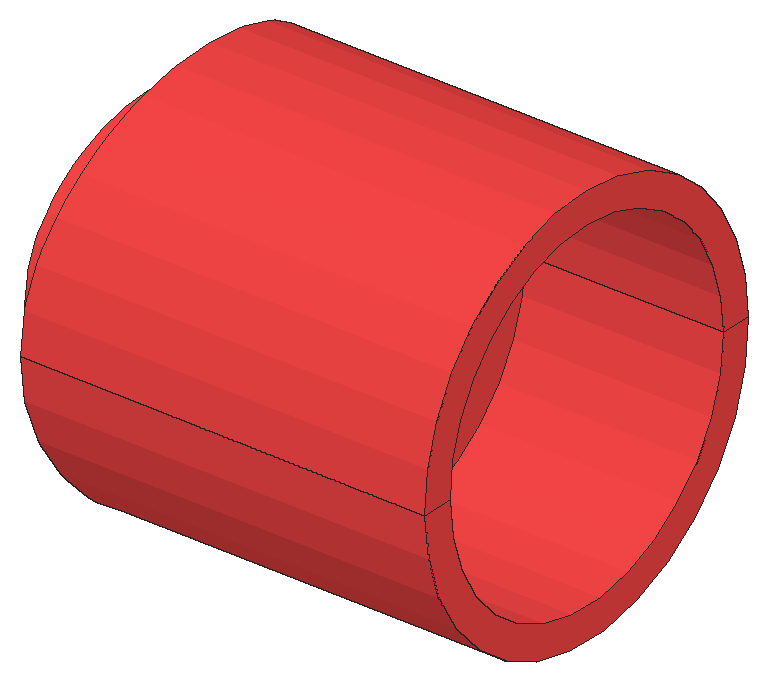
Revit family "Aquatherm_Вварное седло", category Соединительные детали трубопроводов, Revit 2019
Family settings
  Размер круглого соединителя = Использовать диаметр
  Тип детали = Соединение
  На основе рабочей плоскости = Нет
  Всегда вертикально = Да
  При загрузке вырезать с полостями = Нет
  Общий = Нет
Parameters (values of type "SDR 7.4")
  Материал_Корпус = AquaTherm red pipe
  z [instance] = size_lookup("Вварное седло", "z", 20 mm, d, d1, d2)  # 68 mm
  n1 [instance] = if([1], l, R1 + l - z)  # 27.5 mm
  n [instance] = if([1], R1 + l - z, 0 mm)  # 14.5 mm
  l1 [instance] = D - z + l  # -11 mm
  URL = "www.agpipe.ru"
  SDR = 7.4 mm
  R1 [instance] = d / 2  # 55 mm
  d1 [instance] = 25 mm
  D2 [instance] = d - (D - d1) * 2  # 101 mm
  d [instance] = 110 mm
  l [instance] = size_lookup("Вварное седло", "l", 45 mm, d, d1, d2)  # 27.5 mm
  d2 [instance] = 20 mm
  D [instance] = size_lookup("Вварное седло", "D", d + 19 mm, d, d1, d2)  # 29.5 mm
  ADSK_Примечание = ""
  ADSK_Позиция [instance] = ""
  ADSK_Обозначение = ""
  ADSK_Наименование [instance] = size_lookup("Вварное седло", "ADSK_Наименование", "Нет в каталоге", d, d1, d2)  # "Вварное седло DN110x20x25"
  ADSK_Масса_Текст [instance] = size_lookup("Вварное седло", "ADSK_Масса_Текст", "Нет в каталоге", d, d1, d2)  # "0.019"
  ADSK_Код изделия [instance] = size_lookup("Вварное седло", "ADSK_Код изделия", "Нет в каталоге", d, d1, d2)  # "4115182"
  ADSK_Завод-изготовитель = "Aquatherm"  # constant formula
  ADSK_Единица измерения = "шт."  # constant formula
  2 [instance] = not([1])  # no
  1 [instance] = or(d1 > d2, d1 = d2)  # yes
Reference planes
  plane 1 "По центру (Вперед/Назад)": y = 0
  plane 2: z = 0
  plane 3 "По центру (Влево/Вправо)": x = 0
  plane 4: x = -13.75
  plane 5: x = 13.75
  plane 6: x = -68.75
  plane 7: y = 14.75
  plane 8: y = -14.75
  plane 9: y = 12.5
  plane 10: y = -12.5
  plane 11: y = 10
  plane 12: y = -10
  plane 13: y = 12.5
  plane 14: y = -12.5
  plane 15: x = -0.75
  plane 16: x = -0.75
  plane 17: x = -13.75
  plane 18: y = 10
  plane 19: y = -10
Forms (mm)
  Revolve 1, solid, material "AquaTherm red pipe" <- "Материал_Корпус", visible <- "1"
    sketch origin (0, 0, 0) x (1, 0, 0) y (0, 1, 0)
      loop
        line (-0.75, 12.5) -> (13.75, 12.5) -> (13.75, 14.75) -> (-68.75, 14.75) -> (-68.75, 8) -> (-0.75, 8) -> (-0.75, 12.5)
      axis (-68.75, 0) -> (13.75, 0)
    angle from 0 to 360
  Extrusion 2, void
    sketch origin (0, 0, 0) x (1, 0, 0) y (0, 1, 0)
      loop
        circle (-68.75, 0) r 55
    from -249.569 to 503.03
  Revolve 3, solid, material "AquaTherm red pipe" <- "Материал_Корпус", visible <- "1"
    sketch origin (0, 0, 0) x (1, 0, 0) y (0, 1, 0)
      loop
        line (-13.75, 10) -> (-68.75, 10) -> (-68.75, 8) -> (-13.75, 8) -> (-13.75, 10)
      axis (-68.75, 0) -> (-13.75, 0)
    angle from 0 to 360
  Extrusion 4, void
    sketch origin (0, 0, 0) x (1, 0, 0) y (0, 1, 0)
      loop
        circle (-68.75, 0) r 50.5
    from -430.411 to 526.777
Cuts and joins
  Extrusion 2, Extrusion 4 cuts Revolve 1
  Extrusion 4 cuts Revolve 3
  joined: Revolve 1, Revolve 3
Lines and regions (mm)
  reference lines
    curve 1: line (-13.75, 0, 0) -> (-0.75, 0, 0)
Dimensions and locks
  equal spacing: plane 4, plane 3 "По центру (Влево/Вправо)", plane 5
  "l": plane 4 to plane 5
  "R1": plane 6 to plane 4
  equal spacing: plane 7, plane 1 "По центру (Вперед/Назад)", plane 8
  "D": plane 7 to plane 8
  equal spacing: plane 9, plane 1 "По центру (Вперед/Назад)", plane 10
  "d1": plane 9 to plane 10
  equal spacing: plane 11, plane 1 "По центру (Вперед/Назад)", plane 12
  "d2": plane 11 to plane 12
  equal spacing: plane 13, plane 1 "По центру (Вперед/Назад)", plane 14
  "d1": plane 13 to plane 14
  "z": plane 6 to plane 15
  "n": plane 16 to plane 5
  "n1": plane 17 to plane 5
  Revolve 3 sketch curve to plane 11 = 2 mm
  equal spacing: plane 18, plane 1 "По центру (Вперед/Назад)", plane 19
  "d2": plane 18 to plane 19
  locked: plane 18 to Revolve 1 sketch curve at 2
  "d": diameter of Extrusion 2 sketch curve
  "D2": diameter of Extrusion 4 sketch curve
  aligned and locked: level to plane 2
  aligned and locked: plane 7 to Revolve 1 sketch curve
  aligned and locked: plane 6 to Revolve 1 sketch curve  (x2)
  aligned and locked: Revolve 1 sketch curve to plane 9
  aligned and locked: plane 5 to Revolve 1 sketch curve
  aligned and locked: plane 6 to Extrusion 2 sketch curve
  aligned and locked: plane 1 "По центру (Вперед/Назад)" to Extrusion 2 sketch curve
  aligned and locked: Revolve 3 sketch curve to plane 11
  aligned and locked: plane 1 "По центру (Вперед/Назад)" to curve 1
  aligned and locked: plane 3 "По центру (Влево/Вправо)" to nested 1
  aligned and locked: nested 1 to plane 1 "По центру (Вперед/Назад)"
  aligned and locked: Revolve 1 sketch curve to plane 15
  aligned and locked: plane 16 to curve 1
  aligned and locked: plane 17 to curve 1
  aligned and locked: plane 6 to Revolve 3 sketch curve
  aligned and locked: Revolve 3 sketch curve to plane 4
Automatic sketch dimensions
  plane 1 "По центру (Вперед/Назад)" to Revolve 1 sketch curve = 0 mm
  plane 5 to Revolve 1 sketch curve = 0.702 mm
  plane 1 "По центру (Вперед/Назад)" to Revolve 3 sketch curve = 0 mm
  plane 6 to Revolve 3 sketch curve = 10 mm
  plane 5 to Revolve 3 sketch curve = 13.771 mm
  plane 1 "По центру (Вперед/Назад)" to Extrusion 4 sketch curve = 0 mm
  Extrusion 4 sketch curve to plane 6 = 0 mm
Nested families
  nested 1: "седло" at (0, 0, 0) x (-1, 0, 0) z (0, 0, 1), Материал_Корпус <- "Материал_Корпус", 2 <- "2", D1 <- "d", d2 <- "d1", l <- "l", D <- "D", d1 <- "d2", z <- "z", type "седло"
    with Материал_Корпус AquaTherm red pipe, z 68 mm, l 27.5 mm, d2 25 mm, d1 20 mm, R1 55 mm, D2 91 mm, D1 110 mm, D 29.5 mm, 2 no
Connectors
  piping at (-13.75, 0, 0), diameter 20, driven by "d2"
    settings: on curve 1, index 1, connector inside diameter 609.6 mm, connector length 0 mm, flow factor 0, pipe flow 0.0 L/s, pressure drop 0.0 Pa, fitting loss kfactor 0, connector angle 0.00°, fixture units 0, engagement length 0 mm, angle of deflection 0.00°, flow configuration 0, flow direction 0, fitting loss method 0, system type 28, joint type 0, gender type 0, connector reference index 2, connector utility 0, adjustable connector no, is connector primary yes, connector description ""
  piping at (-0.75, 0, 0), diameter 25, driven by "d1"
    settings: on curve 1, index 2, connector inside diameter 609.6 mm, connector length 0 mm, flow factor 0, pipe flow 0.0 L/s, pressure drop 0.0 Pa, fitting loss kfactor 0, connector angle 0.00°, fixture units 0, engagement length 0 mm, angle of deflection 0.00°, flow configuration 0, flow direction 0, fitting loss method 0, system type 7, joint type 0, gender type 0, connector reference index 1, connector utility 0, adjustable connector no, is connector primary no, connector description ""
Definition of nested family "седло"
  Parameters (values of type "седло")
    Материал_Корпус [instance] = none
    z [instance] = 68.5 mm
    R1 [instance] = D1 / 2  # 55 mm
    d1 [instance] = 25 mm
    D2 [instance] = D1 - (D - d1) * 2  # 56 mm
    D1 [instance] = 110 mm
    l [instance] = 34 mm
    d2 [instance] = 20 mm
    D [instance] = 52 mm
    2 [instance] = yes
  Reference planes
    plane 1 "По центру (Вперед/Назад)": y = 0
    plane 2: z = 0
    plane 3 "По центру (Влево/Вправо)": x = 0
    plane 4: x = -17
    plane 5: x = 17
    plane 6: x = -72
    plane 7: y = 26
    plane 8: y = -26
    plane 9: y = 12.5
    plane 10: y = -12.5
    plane 11: y = 10
    plane 12: y = -10
    plane 13: y = 12.5
    plane 14: y = -12.5
    plane 15: x = -3.5
    plane 16: y = 10
    plane 17: y = -10
  Forms (mm)
    Revolve 1, solid, material <- "Материал_Корпус", visible <- "2"
      sketch origin (0, 0, 0) x (1, 0, 0) y (0, 1, 0)
        loop
          line (-3.5, 12.5) -> (17, 12.5) -> (17, 26) -> (-72, 26) -> (-72, 8) -> (-3.5, 8) -> (-3.5, 12.5)
        axis (-72, 0) -> (17, 0)
      angle from 0 to 360
    Extrusion 2, void
      sketch origin (0, 0, 0) x (1, 0, 0) y (0, 1, 0)
        loop
          circle (-72, 0) r 55
      from -249.569 to 503.03
    Revolve 3, solid, material <- "Материал_Корпус", visible <- "2"
      sketch origin (0, 0, 0) x (1, 0, 0) y (0, 1, 0)
        loop
          line (-72, 10) -> (-72, 8) -> (-17, 8) -> (-17, 10) -> (-72, 10)
        axis (-72, 0) -> (-17, 0)
      angle from 0 to 360
    Extrusion 4, void
      sketch origin (0, 0, 0) x (1, 0, 0) y (0, 1, 0)
        loop
          circle (-72, 0) r 28
      from -430.411 to 526.777
  Cuts and joins
    Extrusion 2, Extrusion 4 cuts Revolve 1
    Extrusion 4 cuts Revolve 3
    joined: Revolve 1, Revolve 3
  Lines and regions (mm)
    reference lines
      curve 1: line (-18.5, 0, 0) -> (-0.75, 0, 0)
  Dimensions and locks
    equal spacing: plane 4, plane 3 "По центру (Влево/Вправо)", plane 5
    "l": plane 4 to plane 5
    "R1": plane 6 to plane 4
    equal spacing: plane 7, plane 1 "По центру (Вперед/Назад)", plane 8
    "D": plane 7 to plane 8
    equal spacing: plane 9, plane 1 "По центру (Вперед/Назад)", plane 10
    "d1": plane 9 to plane 10
    equal spacing: plane 11, plane 1 "По центру (Вперед/Назад)", plane 12
    "d2": plane 11 to plane 12
    equal spacing: plane 13, plane 1 "По центру (Вперед/Назад)", plane 14
    "d1": plane 13 to plane 14
    "z": plane 6 to plane 15
    locked: Revolve 3 sketch curve to plane 11 at 2
    equal spacing: plane 16, plane 1 "По центру (Вперед/Назад)", plane 17
    "d2": plane 16 to plane 17
    locked: Revolve 1 sketch curve to plane 16 at 2
    "D1": diameter of Extrusion 2 sketch curve
    "D2": diameter of Extrusion 4 sketch curve
    aligned and locked: level to plane 2
    aligned and locked: plane 7 to Revolve 1 sketch curve
    aligned and locked: plane 6 to Revolve 1 sketch curve  (x2)
    aligned and locked: Revolve 1 sketch curve to plane 9
    aligned and locked: plane 5 to Revolve 1 sketch curve
    aligned and locked: plane 6 to Extrusion 2 sketch curve
    aligned and locked: plane 1 "По центру (Вперед/Назад)" to Extrusion 2 sketch curve
    aligned and locked: plane 1 "По центру (Вперед/Назад)" to curve 1
    aligned and locked: Revolve 1 sketch curve to plane 15
    aligned and locked: plane 11 to Revolve 3 sketch curve
    aligned and locked: plane 6 to Revolve 3 sketch curve
    aligned and locked: Revolve 3 sketch curve to plane 4
  Automatic sketch dimensions
    curve 1 to plane 4 = 1.5 mm
    curve 1 to plane 3 "По центру (Влево/Вправо)" = 0.75 mm
    plane 1 "По центру (Вперед/Назад)" to Revolve 1 sketch curve = 0 mm
    plane 5 to Revolve 1 sketch curve = 10.272 mm
    plane 1 "По центру (Вперед/Назад)" to Revolve 3 sketch curve = 0 mm
    plane 6 to Revolve 3 sketch curve = 10 mm
    Revolve 3 sketch curve to plane 4 = 9.729 mm
    plane 1 "По центру (Вперед/Назад)" to Extrusion 4 sketch curve = 0 mm
    Extrusion 4 sketch curve to plane 6 = 0 mm
